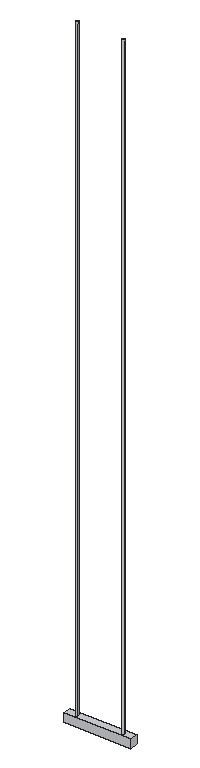
Revit family "Trapeze Hanger", category Generic Models, Revit 2017
Family settings
  Can host rebar = No
  Round Connector Dimension = Use Diameter
  Part Type = Normal
  Work Plane-Based = No
  Always vertical = Yes
  Cut with Voids When Loaded = No
  Shared = No
  Room Calculation Point = No
Parameters
  Unistrut length [instance] = 0' - 10.70469"
  Unistrut Depth [instance] = 0' - 1 5/8"
  Outside Pipe Diameter [instance] = 0' - 6 3/4"
  Hanger Width [instance] = 0' - 6.70469"
  Anchor Elevation [instance] = 10' - 0"
Reference planes (in)
  plane 1 "Center (Front/Back)": y = 0
  plane 2: z = 0
  plane 3 "Center (Left/Right)": x = 0
  plane 4: z = 120
  plane 5: x = 4.625
  plane 6: x = -4.625
  plane 7: x = 6.625
  plane 8: x = -6.625
  plane 9: y = 0.8125
  plane 10: y = -0.8125
  plane 11: z = -5
  plane 12: y = -0.8125
  plane 13: y = 0.8125
  plane 14: x = 3.375
  plane 15: x = -3.375
  plane 16: z = -3.375
  plane 17: z = 3.375
Forms (in)
  Extrusion 1, solid
    sketch origin (3.35234, 0, 0) x (1, 0, 0) y (0, 1, 0)
      loop
        circle (1.27266, 0) r 0.25
    from -3.375 to 120
  Extrusion 2, solid
    sketch origin (-3.35234, 0, 0) x (1, 0, 0) y (0, 1, 0)
      loop
        circle (-1.27266, 0) r 0.25
    from -3.375 to 120
  Extrusion 3, solid
    sketch origin (0, 0, 0) x (1, 0, 0) y (0, 1, 0)
      loop
        line (-6.625, 0.8125) -> (-6.625, -0.8125) -> (6.625, -0.8125) -> (6.625, 0.8125) -> (-6.625, 0.8125)
    from -3.375 to -5
Dimensions and locks (in)
  "Anchor Elevation": level to plane 4
  plane 11 to level = 0' - 5"
  locked: plane 13 to plane 12 at 1.625
  locked: plane 8 to plane 6 at 2
  locked: plane 5 to plane 7 at 2
  "Outside Pipe Diameter": plane 15 to plane 14
  equal spacing: plane 6, plane 3 "Center (Left/Right)", plane 5
  locked: plane 14 to plane 5 at 1.25
  locked: plane 6 to plane 15 at 1.25
  "Unistrut Depth": plane 16 to plane 11
  equal spacing: plane 17, level, plane 16
  "Outside Pipe Diameter": plane 17 to plane 16
  "Unistrut Depth": plane 11 to plane 16
  aligned and locked: plane 2 to level
  aligned and locked: plane 8 to Extrusion 3 sketch curve
  aligned and locked: Extrusion 3 sketch curve to plane 9
  aligned and locked: Extrusion 3 sketch curve to plane 7
  aligned and locked: Extrusion 3 sketch curve to plane 10
  aligned and locked: plane 11 to Extrusion 3
  aligned and locked: plane 13 to Extrusion 3
  aligned and locked: Extrusion 3 to plane 12
  aligned and locked: plane 16 to Extrusion 3
  aligned and locked: Extrusion 1 to Extrusion 3
  aligned and locked: Extrusion 2 to Extrusion 3
  aligned and locked: Extrusion 1 to plane 4
  aligned and locked: Extrusion 2 to plane 4
Automatic sketch dimensions
  plane 1 "Center (Front/Back)" to Extrusion 1 sketch curve = 0' - 0"
  Extrusion 1 sketch curve to plane 5 = 0' - 0"
  plane 1 "Center (Front/Back)" to Extrusion 2 sketch curve = 0' - 0"
  Extrusion 2 sketch curve to plane 6 = 0' - 0"
  radius of Extrusion 1 sketch curve = 0' - 0 1/4"
  radius of Extrusion 2 sketch curve = 0' - 0 1/4"
